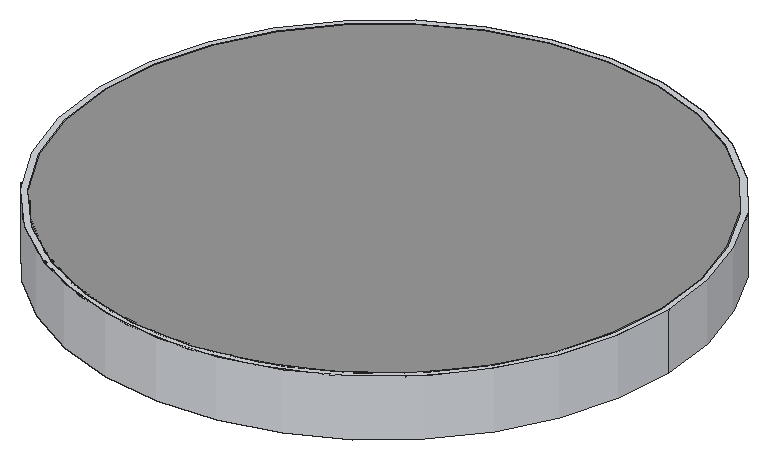
Revit family "2071214", category Lighting Fixtures, host Face, Revit 2018
Family settings
  Host = Face
  Round Connector Dimension = Use Diameter
  Part Type = Normal
  OmniClass Number = 23.80.70.00
  OmniClass Title = Lighting
  Cut with Voids When Loaded = No
  Light Source = Yes
  Shared = No
  Room Calculation Point = No
Parameters (values of type "2071214 COLOSSAL 600 840 OP DIR+H WHT SSC")
  iner diameter = 588 mm
  Weight = "n/a"
  Wattage Comments = ""
  Wattage = 30 W
  WarrantyStartDate [instance] = "n/a"
  WarrantyGuarantorParts = "n/a"
  WarrantyDurationUnit = "n/a"
  WarrantyDurationParts = ""
  WarrantyDescription = "http://www.sylvania-lighting.com"
  built-in parameter 1150110 = 1 (stored number, unit not read)
  Voltage = 230 V
  URL = "0.99"
  TypeName = "COLOSSAL 600mm 840 OPAL DIR+HAL WHITE SSC"
  Type Image = <None>
  Type Comments = "n/a"
  built-in parameter 1114217 = 1 (stored number, unit not read)
  Tilt Angle = -90.00°
  built-in parameter 1150109 = 1 (stored number, unit not read)
  built-in parameter 1150134 = (empty or 0)
  built-in parameter 1150113 = 1 (stored number, unit not read)
  SerialNumber [instance] = "n/a"
  Photometric Web File = "2071214.ies"
  Material_3_SYL = LED-Sylvania
  PowerFactor = 0
  PowerConsumption = "Lighting"
  NominalLength = 600 mm
  NominalHeight = 93 mm
  NominalDepth = 600 mm
  Name = "COLOSSAL 600mm 840 OPAL DIR+HAL WHITE SSC"
  ModelReference = Name  # "COLOSSAL 600mm 840 OPAL DIR+HAL WHITE SSC"
  ModelNumber = "2071214"
  Model = Name  # "COLOSSAL 600mm 840 OPAL DIR+HAL WHITE SSC"
  Material = "Feilo Sylvania"
  ManufacturerName = "136 lm/W"
  Manufacturer = ""
  LuminousEfficacy = ""
  built-in parameter 1150105 = 270.44 (stored number, unit not read)
  Lumens = 3398.4 lm
  LuminaireType = "0"
  built-in parameter 1150115 = 1 (stored number, unit not read)
  LightOutputRatio = "LED"
  built-in parameter 1150137 = (empty or 0)
  built-in parameter 1150139 = (empty or 0)
  LampsType = Lamp  # "n/a"
  LampNominalLuminous = "4000 K"
  LampMacAdamStep = "80"
  LampColourTemperature = "LED"
  LampColourRenderingIndex = "16500"
  built-in parameter 1150112 = 1 (stored number, unit not read)
  built-in parameter 1150114 = 1 (stored number, unit not read)
  Lamp = "n/a"
  Keynote = "n/a"
  InstallationDate [instance] = "n/a"
  InputVoltage = "0"
  InputNominalFrequency = "4000"
  built-in parameter 1150132 = (empty or 0)
  built-in parameter 1150102 = (empty or 0)
  built-in parameter 1150107 = 3000 (stored number, unit not read)
  built-in parameter 1150138 = (empty or 0)
  IngressProtection = "IfcLightFixtureType"
  ImpactProtectionIndex = "IfcLightFixtureType"
  built-in parameter 1150106 = 2.7044 (stored number, unit not read)
  IfcExportType = "IfcLightFixtureType"
  IfcExportAs = "Class I"
  Emit from Circle Diameter = 385 mm
  Emit Shape Visible in Rendering = no
  ElectricShockClassification = "136"
  built-in parameter 1150104 = 10.524 (stored number, unit not read)
  DocumentationLiterature = "http://www.sylvania-lighting.com/product/en-int/products/2071214"
  DimmingControlOptions = "n/a"
  Material_2_SYL = Polycarbonate_Sylvania_White
  Dimming Lamp Color Temperature Shift = <None>
  Description = "600mm diameter circular architectural luminaire, can be surface mounted or suspended. Powder coated aluminium housing (RAL9016) with polycarbonate opal diffuser. Direct/indirect (halo) light distribution, 5445lm luminuous flux, 40.1W system power, 136lm/W luminiaire efficacy. Sylsmart Standalone enabled. Colour rendering index Ra >80, 4000K Neutral White LED, chromaticity tolerance of 3-step MacAdam ellipse. IP40, IK03. 450mA drive current. Electrical protection Class1, 220-240V. Reported lifetime 66k hours L90B10."
  Default Elevation = 1219.2 mm
  CreatedOn = "23/03/2022"
  CreatedBy = "@sylvania-lighting.com"
  Cost = 0
  Color Filter = 16777215
  built-in parameter 1114216 [instance] = (empty or 0)
  ClassificationValue = "EF_70_80"
  ClassificationName = "Uniclass2015"
  Material_1_SYL = Polycarbonate_Sylvania_Opal
  BarCode [instance] = "n/a"
  built-in parameter 1114218 = 1 (stored number, unit not read)
  built-in parameter 1150133 = 10 (stored number, unit not read)
  AssetType = "Fixed"
  AssetIdentifier [instance] = "n/a"
  Assembly Code = "D5020200"
  Apparent Load = 40.1 VA
  Material_4_SYL = none
Reference planes
  plane 1 "Center (Front/Back)": y = 0
  plane 2: z = 0
  plane 3 "Center (Left/Right)": x = 0
  plane 4: x = -300
  plane 5: x = 300
  plane 6: y = 300
  plane 7: y = -300
  plane 8: y = 212
  plane 9: y = -212
  plane 10: z = 93
  plane 11: y = 294
  plane 12: y = -294
  plane 13: through (0, 0, 1219.2) normal (0.5, -0.866, 0)
  plane 14: through (-134.29, 20.617, 1219.2) normal (0.5, -0.866, 0)
  plane 15: through (-144.685, -181.683, 1219.2) normal (-0.5, 0.866, 0)
  plane 16: through (0, 0, 1219.2) normal (0.5, 0.866, 0)
  plane 17: through (178.555, -4.939, 1219.2) normal (0.5, 0.866, 0)
  plane 18: through (87.581, -148.715, 1219.2) normal (0.5, 0.866, 0)
  plane 19: y = 272
  plane 20: through (105.168, 227.067, 1219.2) normal (0.866, 0.5, 0)
  plane 21: through (-104.171, 225.672, 1219.2) normal (0.8572, -0.515, 0)
  plane 22: y = -204.612
  plane 23: through (-296.643, -30.2, 1219.2) normal (0.866, 0.5, 0)
  plane 24: through (153.092, -278.837, 1219.2) normal (-0.866, 0.5, 0)
Forms (mm)
  Extrusion 1, solid, detail levels medium+fine
    sketch origin (0, 0, 0) x (1, 0, 0) y (0, 1, 0)
      loop
        circle (0, 0) r 300
    from 33.023 to 93
  Extrusion 2, void
    sketch origin (0, 0, 0) x (1, 0, 0) y (0, 1, 0)
      loop
        circle (0, 0) r 294
    from 93 to 37.292
  Extrusion 3, solid, material "Glass, White, High Luminance", detail levels fine
    sketch origin (0, 0, 0) x (1, 0, 0) y (0, 1, 0)
      loop
        circle (0, 0) r 294
    from 88.026 to 93
  Extrusion 4, solid, detail levels coarse
    sketch origin (0, 0, 0) x (1, 0, 0) y (0, 1, 0)
      loop
        line (-300, 300) -> (-300, -300) -> (300, -300) -> (300, 300) -> (-300, 300)
    from 0 to 93
  Blend 5, solid, detail levels medium+fine
    base sketch origin (0, 0, 0) x (1, 0, 0) y (0, 1, 0)
      loop
        line (-76.334, 272) -> (-277.665, -63.07) -> (-195.946, -204.612) -> (195.946, -204.612) -> (275.172, -67.388) -> (79.226, 272) -> (-76.334, 272)
    top sketch origin (0, 0, 0) x (1, 0, 0) y (0, 1, 0)
      loop
        line (-226.097, -32.388) -> (-141.097, -179.612) -> (141.097, -179.612) -> (226.097, -32.388) -> (85, 212) -> (-85, 212) -> (-226.097, -32.388)
    from 33.023 to 0
Cuts and joins
  Extrusion 2 cuts Extrusion 1
Lines and regions (mm)
  model lines
    curve 1: line (-85, 212, 0) -> (0, 212, 0)
    curve 2: line (0, 212, 0) -> (85, 212, 0)
Dimensions and locks
  "NominalDepth": plane 6 to plane 7
  "NominalLength": plane 4 to plane 5
  equal spacing: plane 4, plane 3 "Center (Left/Right)", plane 5
  "iner diameter": plane 11 to plane 12
  equal spacing: plane 11, plane 1 "Center (Front/Back)", plane 12
  equal spacing: plane 6, plane 1 "Center (Front/Back)", plane 7
  "NominalHeight": plane 10 to level
  radius of Extrusion 2 sketch curve = 294 mm
  aligned and locked: plane 2 to host face
  aligned and locked: level to host face
Automatic sketch dimensions
  host sketch curve to host sketch curve = 2438.4 mm  (x2)
  plane 1 "Center (Front/Back)" to Extrusion 1 sketch curve = 0 mm
  Extrusion 1 sketch curve to plane 3 "Center (Left/Right)" = 0 mm
  plane 1 "Center (Front/Back)" to Extrusion 2 sketch curve = 0 mm
  Extrusion 2 sketch curve to plane 3 "Center (Left/Right)" = 0 mm
  plane 1 "Center (Front/Back)" to Extrusion 3 sketch curve = 0 mm
  Extrusion 3 sketch curve to plane 3 "Center (Left/Right)" = 0 mm
  Extrusion 4 sketch curve to plane 4 = 0 mm
  Extrusion 4 sketch curve to plane 5 = 0 mm
  Extrusion 4 sketch curve to plane 7 = 0 mm
  Extrusion 4 sketch curve to plane 6 = 0 mm
  Blend 5 sketch curve to plane 8 = 0 mm
  Blend 5 sketch curve to plane 3 "Center (Left/Right)" = 85 mm
  plane 3 "Center (Left/Right)" to Blend 5 sketch curve = 85 mm
  plane 9 to Blend 5 sketch curve = 32.388 mm
  plane 3 "Center (Left/Right)" to Blend 5 sketch curve = 141.097 mm
  plane 1 "Center (Front/Back)" to Blend 5 sketch curve = 32.388 mm  (x2)
  Blend 5 sketch curve to plane 5 = 73.903 mm
  Blend 5 sketch curve to plane 3 "Center (Left/Right)" = 141.097 mm
  plane 4 to Blend 5 sketch curve = 73.903 mm
  curve 1 to plane 8 = 0 mm
  curve 2 to plane 3 "Center (Left/Right)" = 0 mm
  curve 1 to plane 3 "Center (Left/Right)" = 85 mm
  curve 1 to curve 2 = 85 mm
  Blend 5 sketch curve to plane 21 = 0 mm
  Blend 5 sketch curve to plane 23 = 0 mm  (x2)
  Blend 5 sketch curve to plane 22 = 0 mm
  Blend 5 sketch curve to plane 19 = 0 mm
  plane 21 to Blend 5 sketch curve = 0 mm
  Blend 5 sketch curve to plane 20 = 0 mm  (x2)
  Blend 5 sketch curve to plane 24 = 0 mm  (x2)
  radius of Extrusion 1 sketch curve = 300 mm
  radius of Extrusion 3 sketch curve = 294 mm
Connectors
  electrical at (0, 0, 0), driven by "Apparent Load", driven by "PowerFactor", driven by "Voltage"
    settings: index 1, voltage 230 V, apparent load 40.1 VA, apparent load phase1 0 VA, apparent load phase2 0 VA, apparent load phase3 0 VA, power factor 0, load classification "Lighting", number of poles 1, system type 30, power factor state 1, is connector primary yes, connector utility no, sub classification motor no, connector description ""
